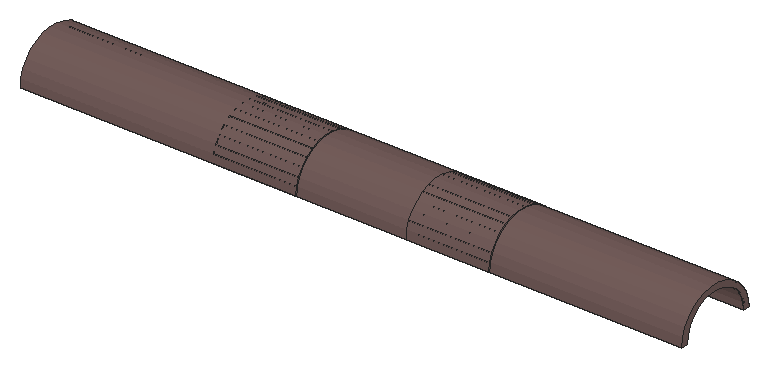
Revit family "Cumeeira", category Modelos genéricos, Revit 2013
Parameters (values of type "Cerâmica")
  Profundidade = 0.50 m
  Material = Cumeeira
  built-in parameter 1001306 [instance] = 1.20 m
  Assembly Code = ""
  Número de Telhões [instance] = [built-in parameter 1001306] / Profundidade + 1  # 3
Reference planes (m)
  plane 1 "Center (Front/Back)": y = 0
  plane 2: z = 0
  plane 3 "Left": x = 0
  plane 4 "Right": x = 1.2
Lines and regions (m)
  reference lines
    curve 1: line (0, 0, 0) -> (1.2, 0, 0)
Dimensions and locks (m)
  "built-in parameter 1001306": plane 3 "Left" to plane 4 "Right"
  equal spacing: group 1, group 3, group 2  (x3)
  aligned and locked: plane 4 "Right" to curve 1
  aligned and locked: plane 1 "Center (Front/Back)" to curve 1
  aligned and locked: plane 3 "Left" to curve 1
  aligned and locked: nested 2 to plane 4 "Right"
  aligned and locked: level to plane 2
Nested families (m)
  nested 1: "Cumeeira" at (0, 0, 0), type "Cerâmica"
    with Cumeeira Cumeeira
  nested 2: "Cumeeira" at (0.7, 0, 0), type "Cerâmica"
    with Cumeeira Cumeeira
  nested 3: "Cumeeira" at (0.35, 0, 0), type "Cerâmica"
    with Cumeeira Cumeeira
Definition of nested family "Cumeeira"
  Parameters (values of type "Cerâmica")
    Telhão = Telhão
    Lengte = 0.50 m
    Cumeeira [instance] = Cumeeira
    Assembly Code = ""
  Reference planes (m)
    plane 1 "Center (Front/Back)": y = 0
    plane 2: z = 0
    plane 3 "Center (Left/Right)": x = 0
    plane 4: x = 0.5
    plane 5: y = -0.075
    plane 6: y = 0.075
    plane 7: z = 0.07
  Forms (m)
    Extrusion 1, solid, material "Telha - Cerâmica"
      sketch origin (0, 0, 0) x (0, 1, 0) y (0, 0, 1)
        loop
          spline (0.075, 0) -> (0.072444, 0.018117) -> (0.064952, 0.035) -> (0.053033, 0.049497) -> (0.0375, 0.060622) -> (0.019411, 0.067615) -> (0, 0.07) -> (-0.019411, 0.067615) -> (-0.0375, 0.060622) -> (-0.053033, 0.049497) -> (-0.064952, 0.035) -> (-0.072444, 0.018117) -> (-0.075, 0)
          line (-0.075, 0) -> (-0.065, 0)
          spline (-0.065, 0) -> (-0.06283, 0.015358) -> (-0.056444, 0.029738) -> (-0.04621, 0.042187) -> (-0.032753, 0.051816) -> (-0.016985, 0.05791) -> (0, 0.06) -> (0.016985, 0.05791) -> (0.032753, 0.051816) -> (0.04621, 0.042187) -> (0.056444, 0.029738) -> (0.06283, 0.015358) -> (0.065, 0)
          line (0.065, 0) -> (0.075, 0)
      from 0 to 0.5
  Dimensions and locks (m)
    "Lengte": plane 3 "Center (Left/Right)" to plane 4
  Automatic sketch dimensions
    Extrusion 1 sketch curve to level = 0.00 m
    Extrusion 1 sketch curve to plane 6 = 0.00 m
    Extrusion 1 sketch curve to plane 5 = 0.00 m
    plane 6 to Extrusion 1 sketch curve = 0.01 m
    Extrusion 1 sketch curve to plane 5 = 0.01 m
